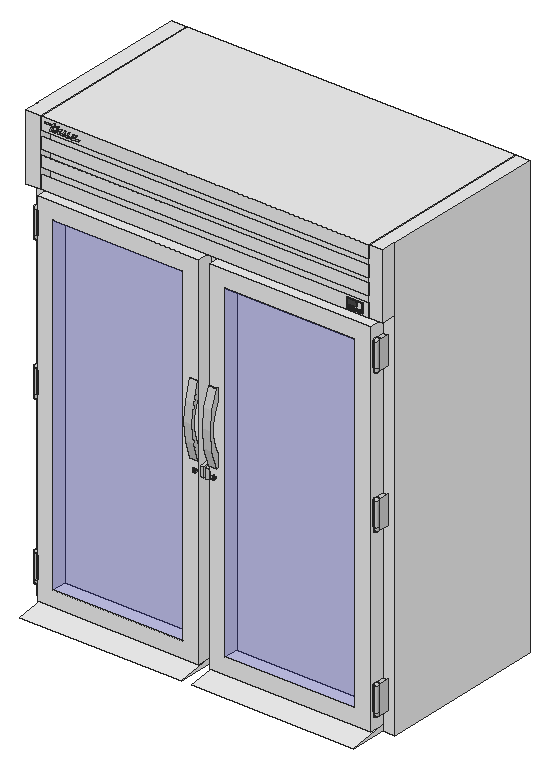
Revit family
Parameters
  Weight in Pounds = 0
  Watts = Volts * FL Amps  # 1357 W
  Volts = 115 V
  URL Cutsheet = "www.truemfg.com"
  URL = "www.truemfg.com"
  Type Mark [instance] = ""
  Type Comments = ""
  Status [instance] = ""
  Specification by User [instance] = ""
  Specification by Manufacturer = ""
  Show Logo [instance] = yes
  Show Clearance [instance] = yes
  Serial Number = ""
  Seismic Rating = ""
  SMACNA No = ""
  Revision Code [instance] = ""
  Phase = 1
  Omniclass Number and Title = ""
  Number of Poles [instance] = 1
  NAFEM Spec ID Number = ""
  Model = "STG2RRI-2G"
  Min Ckt Ampacity = 0 A
  Max Overcurrent Protection = 0 A
  Masterspec = ""
  Manufacturer = "TRUE FOOD SERVICE EQUIPMENT, INC."
  Length = 68"
  Item Number [instance] = ""
  Installed By [instance] = ""
  Identify Quantity as Lot [instance] = yes
  Height = 83 3/4"
  HP = "1/2"
  Furnished By [instance] = ""
  Foodservice Equipment Identifier [instance] = yes
  FL Amps = 11.8 A
  Electrical Remarks [instance] = ""
  Electric Connection Type [instance] = ""
  Elec Conn RI Height [instance] = 0"
  Elec Conn Connection Height [instance] = 0"
  Description = "Roll-in Glass Swing Door Refrigerator"
  Depth = 34 3/4"
  Cycle = 60 Hz
  Conn Plug = "5-15P"
  Conn Conduit = yes
  CSI MasterFormat = ""
  CSI Master Format = ""
  Apparent Power = if(Phase = 3, Volts * FL Amps * 1.73, Volts * FL Amps)  # 1357 VA
Reference planes (in)
  plane 1 "BACK": y = 0
  plane 2: z = 0
  plane 3 "LEFT": x = 0
  plane 4 "RIGHT": x = 68
  plane 5 "FRONT": y = -34.75
  plane 6 "TOP": z = 83.75
  plane 7: x = 2.84375
  plane 8: y = -34.7042
  plane 9: x = 34
  plane 10: z = 69.90625
Forms (in)
  Extrusion 1, solid, material "QF_Finishes_Chrome - Satin"
    sketch origin (0.05, 0, 0) x (1, 0, 0) y (0, 1, 0)
      loop
        line (-0.05, 0) -> (-0.05, -32) -> (2.87859, -32) -> (2.87859, 0) -> (-0.05, 0)
    from 0 to 83.75
  Extrusion 2, solid, material "QF_Finishes_Chrome - Satin"
    sketch origin (50.15, 0, 0) x (1, 0, 0) y (0, 1, 0)
      loop
        line (15.15, 0) -> (15.15, -32) -> (17.85, -32) -> (17.85, 0) -> (15.15, 0)
    from 0 to 83.75
  Extrusion 3, solid, material "QF_Finishes_Chrome - Satin"
    sketch origin (0, 0, 0) x (0, 1, 0) y (0, 0, 1)
      loop
        line (-34.7042, 71.28125) -> (-32, 71.28125) -> (-32, 0) -> (0, 0) -> (0, 83.75) -> (-34.7042, 83.75) -> (-34.7042, 81.40578) -> (-32.5, 79.83852) -> (-32.5, 78.71625) -> (-34.7042, 80.28351) -> (-34.7042, 78.1498) -> (-32.5, 76.58254) -> (-32.5, 75.62178) -> (-34.7042, 77.18904) -> (-34.7042, 75.09284) -> (-32.5, 73.52557) -> (-32.5, 72.25) -> (-34.7042, 73.81726) -> (-34.7042, 71.28125)
    from 2.92859 to 65.3
  Extrusion 4, solid, material "QF_Finishes_Chrome - Satin"
    sketch origin (0, 0, 0) x (1, 0, 0) y (0, 1, 0)
      loop
        line (67.84782, -32) -> (65.3, -32) -> (65.3, -34.75) -> (67.84782, -34.75) -> (67.84782, -32)
    from 71.28125 to 83.75
  Extrusion 5, solid, material "QF_Finishes_Chrome - Satin"
    sketch origin (-50.125, 0, 0.25) x (1, 0, 0) y (0, 1, 0)
      loop
        line (53.05359, -32) -> (50.24109, -32) -> (50.24109, -34.75) -> (53.05359, -34.75) -> (53.05359, -32)
    from 71.03125 to 83.5
  Extrusion 6, solid, material "QF_Finishes_Handrails and Railings", visible <- "Show Logo"
    sketch origin (0.33478, 0.06376, 5.00294) x (1, 0, 0) y (0, 0, 1)
      loop
        line (3.46044, 78.08731) -> (3.35478, 77.86073) -> (4.76027, 77.86073)
        arc (4.76027, 77.86073) -> (4.78879, 77.81028) -> (4.76027, 77.75984) r 0.05887
        line (4.76027, 77.75984) -> (4.39369, 76.97372)
        arc (4.39369, 76.97372) -> (4.39051, 76.90091) -> (4.43975, 76.84717) r 0.09523
        line (4.43975, 76.84717) -> (5.33844, 76.84717)
        arc (5.33844, 76.84717) -> (5.45192, 76.88295) -> (5.52436, 76.97735) r 0.19785
        line (5.52436, 76.97735) -> (5.81285, 77.59601) -> (6.0779, 77.59601)
        arc (6.0779, 77.59601) -> (6.14744, 77.57043) -> (6.13737, 77.49703) r 0.05911
        line (6.13737, 77.49703) -> (5.89598, 76.97937)
        arc (5.89598, 76.97937) -> (5.89974, 76.8934) -> (5.97231, 76.84717) r 0.09318
        line (5.97231, 76.84717) -> (6.76198, 76.84717)
        arc (6.76198, 76.84717) -> (6.82249, 76.86919) -> (6.85468, 76.92495) r 0.09412
        arc (6.85468, 76.92495) -> (6.87746, 76.86995) -> (6.93246, 76.84717) r 0.07778
        line (6.93246, 76.84717) -> (7.43246, 76.84717)
        arc (7.43246, 76.84717) -> (7.49022, 76.86265) -> (7.53251, 76.90493) r 0.11552
        arc (7.53251, 76.90493) -> (7.55275, 76.85606) -> (7.60162, 76.83581) r 0.06912
        line (7.60162, 76.83581) -> (8.31225, 76.83581)
        arc (8.31225, 76.83581) -> (8.37034, 76.85988) -> (8.39441, 76.91797) r 0.08216
        arc (8.39441, 76.91797) -> (8.44767, 76.86472) -> (8.52042, 76.84522) r 0.14551
        line (8.52042, 76.84522) -> (9.85158, 76.84522) -> (9.99946, 77.10134) -> (8.65678, 77.10134)
        arc (8.65678, 77.10134) -> (8.61972, 77.12704) -> (8.61834, 77.17211) r 0.05009
        line (8.61834, 77.17211) -> (8.64157, 77.22192)
        arc (8.64157, 77.22192) -> (8.67723, 77.26864) -> (8.73327, 77.28635) r 0.09747
        line (8.73327, 77.28635) -> (9.16485, 77.28635)
        arc (9.16485, 77.28635) -> (9.258, 77.31131) -> (9.32619, 77.3795) r 0.1863
        line (9.32619, 77.3795) -> (9.45119, 77.59601)
        arc (9.45119, 77.59601) -> (9.45119, 77.71157) -> (9.35111, 77.76934) r 0.11556
        line (9.35111, 77.76934) -> (8.89562, 77.76934)
        arc (8.89562, 77.76934) -> (8.7795, 77.74962) -> (8.69849, 77.66412) r 0.18605
        line (8.69849, 77.66412) -> (8.48204, 77.19993)
        arc (8.48204, 77.19993) -> (8.41815, 77.11667) -> (8.31806, 77.08511) r 0.1745
        line (8.31806, 77.08511) -> (7.84559, 77.08511)
        arc (7.84559, 77.08511) -> (7.78903, 77.14684) -> (7.79268, 77.23048) r 0.10939
        line (7.79268, 77.23048) -> (8.04395, 77.76934) -> (7.88403, 77.76934) -> (7.61781, 77.19844)
        arc (7.61781, 77.19844) -> (7.56609, 77.13103) -> (7.48505, 77.10548) r 0.14128
        line (7.48505, 77.10548) -> (7.15925, 77.10548)
        arc (7.15925, 77.10548) -> (7.10419, 77.17723) -> (7.116, 77.26689) r 0.11816
        line (7.116, 77.26689) -> (7.3503, 77.76934) -> (7.18514, 77.76934) -> (6.91546, 77.191)
        arc (6.91546, 77.191) -> (6.85285, 77.12839) -> (6.76733, 77.10548) r 0.17104
        line (6.76733, 77.10548) -> (6.29555, 77.10548)
        arc (6.29555, 77.10548) -> (6.21082, 77.14499) -> (6.20267, 77.23813) r 0.0935
        line (6.20267, 77.23813) -> (6.35774, 77.57069) -> (6.57695, 77.57069)
        arc (6.57695, 77.57069) -> (6.61395, 77.68217) -> (6.69267, 77.76934) r 0.2857
        line (6.69267, 77.76934) -> (5.83605, 77.76934)
        arc (5.83605, 77.76934) -> (5.74086, 77.74824) -> (5.67498, 77.67635) r 0.16212
        line (5.67498, 77.67635) -> (5.44279, 77.17841)
        arc (5.44279, 77.17841) -> (5.3894, 77.12502) -> (5.31647, 77.10548) r 0.14586
        line (5.31647, 77.10548) -> (4.80506, 77.10548)
        arc (4.80506, 77.10548) -> (4.76514, 77.15942) -> (4.77274, 77.22609) r 0.09155
        line (4.77274, 77.22609) -> (5.11018, 77.86073) -> (5.96155, 77.86073) -> (6.06721, 78.08731) -> (5.21584, 78.08731) -> (5.32149, 78.31388) -> (5.01862, 78.31388) -> (4.91297, 78.08731) -> (3.46044, 78.08731)
      loop
        arc (8.83805, 77.56363) -> (8.80119, 77.55375) -> (8.7742, 77.52676) r 0.07373
        line (8.7742, 77.52676) -> (8.75229, 77.45936)
        arc (8.75229, 77.45936) -> (8.76245, 77.43483) -> (8.78699, 77.42466) r 0.0347
        line (8.78699, 77.42466) -> (9.15948, 77.42466)
        arc (9.15948, 77.42466) -> (9.18632, 77.43061) -> (9.20812, 77.44734) r 0.0635
        line (9.20812, 77.44734) -> (9.22624, 77.53122)
        arc (9.22624, 77.53122) -> (9.22091, 77.55368) -> (9.20009, 77.56363) r 0.02676
        line (9.20009, 77.56363) -> (8.83805, 77.56363)
    from 34.76797 to 34.83173
  Extrusion 7, solid, material "QF_Finishes_White"
    sketch origin (-22.74812, 0.0458, -7.95638) x (1, 0, 0) y (0, 0, 1)
      loop
        line (83.81732, 81.35727) -> (83.81732, 79.60996) -> (86.72357, 79.60996) -> (86.72357, 81.35727) -> (83.81732, 81.35727)
    from 34.75 to 34.76797
  Extrusion 8, solid, material "QF_Finishes_Black"
    sketch origin (-22.74812, 0.0458, -7.95638) x (1, 0, 0) y (0, 0, 1)
      loop
        line (86.78607, 81.41977) -> (83.75482, 81.41977) -> (83.75482, 79.54746) -> (86.78607, 79.54746) -> (86.78607, 81.41977)
      loop
        spline (83.95482, 79.87872) -> (83.96333, 79.86254) -> (83.98831, 79.84747) -> (84.02804, 79.83452) -> (84.07982, 79.82459) -> (84.14011, 79.81835) -> (84.20482, 79.81622) -> (84.26952, 79.81835) -> (84.32982, 79.82459) -> (84.38159, 79.83452) -> (84.42132, 79.84747) -> (84.4463, 79.86254) -> (84.45482, 79.87872)
        spline (84.45482, 79.87872) -> (84.4463, 79.89489) -> (84.42132, 79.90997) -> (84.38159, 79.92291) -> (84.32982, 79.93284) -> (84.26952, 79.93909) -> (84.20482, 79.94122) -> (84.14011, 79.93909) -> (84.07982, 79.93284) -> (84.02804, 79.92291) -> (83.98831, 79.90997) -> (83.96333, 79.89489) -> (83.95482, 79.87872)
      loop
        spline (84.65083, 79.87872) -> (84.65935, 79.86254) -> (84.68432, 79.84747) -> (84.72405, 79.83452) -> (84.77583, 79.82459) -> (84.83612, 79.81835) -> (84.90083, 79.81622) -> (84.96553, 79.81835) -> (85.02583, 79.82459) -> (85.07761, 79.83452) -> (85.11734, 79.84747) -> (85.14231, 79.86254) -> (85.15083, 79.87872)
        spline (85.15083, 79.87872) -> (85.14231, 79.89489) -> (85.11734, 79.90997) -> (85.07761, 79.92291) -> (85.02583, 79.93284) -> (84.96553, 79.93909) -> (84.90083, 79.94122) -> (84.83612, 79.93909) -> (84.77583, 79.93284) -> (84.72405, 79.92291) -> (84.68432, 79.90997) -> (84.65935, 79.89489) -> (84.65083, 79.87872)
      loop
        spline (85.40083, 79.87872) -> (85.40935, 79.86254) -> (85.43432, 79.84747) -> (85.47405, 79.83452) -> (85.52583, 79.82459) -> (85.58612, 79.81835) -> (85.65083, 79.81622) -> (85.71553, 79.81835) -> (85.77583, 79.82459) -> (85.82761, 79.83452) -> (85.86734, 79.84747) -> (85.89231, 79.86254) -> (85.90083, 79.87872)
        spline (85.90083, 79.87872) -> (85.89231, 79.89489) -> (85.86734, 79.90997) -> (85.82761, 79.92291) -> (85.77583, 79.93284) -> (85.71553, 79.93909) -> (85.65083, 79.94122) -> (85.58612, 79.93909) -> (85.52583, 79.93284) -> (85.47405, 79.92291) -> (85.43432, 79.90997) -> (85.40935, 79.89489) -> (85.40083, 79.87872)
      loop
        line (83.95481, 81.21978) -> (83.95481, 80.21978) -> (85.65433, 80.21978) -> (85.65433, 81.21978) -> (83.95481, 81.21978)
      loop
        line (86.72357, 81.35727) -> (83.81732, 81.35727) -> (83.81732, 79.60996) -> (86.72357, 79.60996) -> (86.72357, 81.35727)
      loop
        spline (86.15083, 79.87872) -> (86.15935, 79.86254) -> (86.18432, 79.84747) -> (86.22405, 79.83452) -> (86.27583, 79.82459) -> (86.33612, 79.81835) -> (86.40083, 79.81622) -> (86.46553, 79.81835) -> (86.52583, 79.82459) -> (86.57761, 79.83452) -> (86.61734, 79.84747) -> (86.64231, 79.86254) -> (86.65083, 79.87872)
        spline (86.65083, 79.87872) -> (86.64231, 79.89489) -> (86.61734, 79.90997) -> (86.57761, 79.92291) -> (86.52583, 79.93284) -> (86.46553, 79.93909) -> (86.40083, 79.94122) -> (86.33612, 79.93909) -> (86.27583, 79.93284) -> (86.22405, 79.92291) -> (86.18432, 79.90997) -> (86.15935, 79.89489) -> (86.15083, 79.87872)
    from 34.76797 to 34.80335
  Extrusion 9, solid
    sketch origin (-25.125, 0, 0) x (1, 0, 0) y (0, 0, 1)
      loop
        circle (89.875, 81.625) r 0.25
    from 0 to 0.0625
  Extrusion 10, solid, material "QF_Finishes_Handrails and Railings"
    sketch origin (66.78125, 0, 3.5) x (0, 1, 0) y (0, 0, -1)
      loop
        line (-32, -64.17729) -> (-32, -58.86127) -> (-34.25, -58.86127) -> (-34.25, -59.57348) -> (-33.81497, -59.57348) -> (-33.81497, -63.97276)
        arc (-33.81497, -63.97276) -> (-33.75506, -64.11738) -> (-33.61044, -64.17729) r 0.20453
        line (-33.61044, -64.17729) -> (-32, -64.17729)
    from 0.17506 to 1
  Revolve 11, solid, material "QF_Finishes_Handrails and Railings"
    sketch origin (66.28125, 0, 3.5) x (0, 1, 0) y (0, 0, -1)
      loop
        line (-34.26563, -59.62689) -> (-34.67229, -59.62689) -> (-34.67229, -64.0986)
        arc (-34.67229, -64.0986) -> (-34.53722, -64.35057) -> (-34.26563, -64.43983) r 0.3848
        line (-34.26563, -64.43983) -> (-34.26563, -59.62689)
      loop
        line (-34.26563, -59.57348) -> (-34.26563, -58.67281)
        arc (-34.26563, -58.67281) -> (-34.53264, -58.75883) -> (-34.67229, -59.00212) r 0.38884
        line (-34.67229, -59.00212) -> (-34.67229, -59.57348) -> (-34.26563, -59.57348)
      axis (-34.26563, -58.67281) -> (-34.26563, -64.43983)
    angle from 0 to 360
  Extrusion 12, solid, material "QF_Finishes_Handrails and Railings"
    sketch origin (27.5, -1.07734, 3.5011) x (-1, 0, 0) y (0, 0, -1)
      loop
        line (-38.58509, -64.0986) -> (-38.1875, -64.0986) -> (-38.1875, -59.62579) -> (-38.58509, -59.62579) -> (-38.58509, -64.0986)
    from 32.81497 to 33.59495
  Extrusion 13, solid, material "QF_Finishes_Handrails and Railings"
    sketch origin (66.78125, 0, -24) x (0, 1, 0) y (0, 0, -1)
      loop
        line (-32, -64.55229) -> (-32, -59.23627) -> (-34.25, -59.23627) -> (-34.25, -59.94848) -> (-33.81497, -59.94848) -> (-33.81497, -64.34776)
        arc (-33.81497, -64.34776) -> (-33.75506, -64.49238) -> (-33.61044, -64.55229) r 0.20453
        line (-33.61044, -64.55229) -> (-32, -64.55229)
    from 0.17506 to 1
  Revolve 14, solid, material "QF_Finishes_Handrails and Railings"
    sketch origin (66.28125, 0, -24) x (0, 1, 0) y (0, 0, -1)
      loop
        line (-34.26563, -60.00189) -> (-34.67229, -60.00189) -> (-34.67229, -64.4736)
        arc (-34.67229, -64.4736) -> (-34.53722, -64.72557) -> (-34.26563, -64.81483) r 0.3848
        line (-34.26563, -64.81483) -> (-34.26563, -60.00189)
      loop
        line (-34.26563, -59.94848) -> (-34.26563, -59.04781)
        arc (-34.26563, -59.04781) -> (-34.53264, -59.13383) -> (-34.67229, -59.37712) r 0.38884
        line (-34.67229, -59.37712) -> (-34.67229, -59.94848) -> (-34.26563, -59.94848)
      axis (-34.26563, -59.04781) -> (-34.26563, -64.81483)
    angle from 0 to 360
  Extrusion 15, solid, material "QF_Finishes_Handrails and Railings"
    sketch origin (27.5, -1.07734, -23.9989) x (-1, 0, 0) y (0, 0, -1)
      loop
        line (-38.58509, -64.4736) -> (-38.1875, -64.4736) -> (-38.1875, -60.00079) -> (-38.58509, -60.00079) -> (-38.58509, -64.4736)
    from 32.81497 to 33.59495
  Extrusion 16, solid, material "QF_Finishes_Handrails and Railings"
    sketch origin (66.78125, 0, -55.5) x (0, 1, 0) y (0, 0, -1)
      loop
        line (-32, -64.55229) -> (-32, -59.23627) -> (-34.25, -59.23627) -> (-34.25, -59.94848) -> (-33.81497, -59.94848) -> (-33.81497, -64.34776)
        arc (-33.81497, -64.34776) -> (-33.75506, -64.49238) -> (-33.61044, -64.55229) r 0.20453
        line (-33.61044, -64.55229) -> (-32, -64.55229)
    from 0.17506 to 1
  Revolve 17, solid, material "QF_Finishes_Handrails and Railings"
    sketch origin (66.28125, 0, -55.5) x (0, 1, 0) y (0, 0, -1)
      loop
        line (-34.26563, -60.00189) -> (-34.67229, -60.00189) -> (-34.67229, -64.4736)
        arc (-34.67229, -64.4736) -> (-34.53722, -64.72557) -> (-34.26563, -64.81483) r 0.3848
        line (-34.26563, -64.81483) -> (-34.26563, -60.00189)
      loop
        line (-34.26563, -59.94848) -> (-34.26563, -59.04781)
        arc (-34.26563, -59.04781) -> (-34.53264, -59.13383) -> (-34.67229, -59.37712) r 0.38884
        line (-34.67229, -59.37712) -> (-34.67229, -59.94848) -> (-34.26563, -59.94848)
      axis (-34.26563, -59.04781) -> (-34.26563, -64.81483)
    angle from 0 to 360
  Extrusion 18, solid, material "QF_Finishes_Handrails and Railings"
    sketch origin (27.5, -1.07734, -55.4989) x (-1, 0, 0) y (0, 0, -1)
      loop
        line (-38.58509, -64.4736) -> (-38.1875, -64.4736) -> (-38.1875, -60.00079) -> (-38.58509, -60.00079) -> (-38.58509, -64.4736)
    from 32.81497 to 33.59495
  Extrusion 19, solid, material "QF_Finishes_Chrome - Satin"
    sketch origin (65.6875, -1, 8.03125) x (0, 0, 1) y (0, -1, 0)
      loop
        line (-8.03125, 37.875) -> (-8.03125, 31) -> (-7.03125, 31) -> (-8.03125, 37.875)
    from 0 to -30.6875
  Extrusion 20, solid, material "QF_Finishes_Handrails and Railings"
    sketch origin (1.21875, 0, 3.5) x (0, 1, 0) y (0, 0, 1)
      loop
        line (-32, 64.17729) -> (-33.61044, 64.17729)
        arc (-33.61044, 64.17729) -> (-33.75506, 64.11738) -> (-33.81497, 63.97276) r 0.20453
        line (-33.81497, 63.97276) -> (-33.81497, 59.57348) -> (-34.25, 59.57348) -> (-34.25, 58.86127) -> (-32, 58.86127) -> (-32, 64.17729)
    from 0.17506 to 1
  Revolve 21, solid, material "QF_Finishes_Handrails and Railings"
    sketch origin (1.71875, 0, 3.5) x (0, 1, 0) y (0, 0, 1)
      loop
        line (-34.26563, 59.62689) -> (-34.26563, 64.43983)
        arc (-34.26563, 64.43983) -> (-34.53722, 64.35057) -> (-34.67229, 64.0986) r 0.3848
        line (-34.67229, 64.0986) -> (-34.67229, 59.62689) -> (-34.26563, 59.62689)
      loop
        line (-34.26563, 59.57348) -> (-34.67229, 59.57348) -> (-34.67229, 59.00212)
        arc (-34.67229, 59.00212) -> (-34.53264, 58.75883) -> (-34.26563, 58.67281) r 0.38884
        line (-34.26563, 58.67281) -> (-34.26563, 59.57348)
      axis (-34.26563, 58.67281) -> (-34.26563, 64.43983)
    angle from 0 to 360
  Extrusion 22, solid, material "QF_Finishes_Handrails and Railings"
    sketch origin (40.5, -1.07734, 3.5011) x (1, 0, 0) y (0, 0, 1)
      loop
        line (-38.58509, 64.0986) -> (-38.58509, 59.62579) -> (-38.1875, 59.62579) -> (-38.1875, 64.0986) -> (-38.58509, 64.0986)
    from 32.81497 to 33.59495
  Extrusion 23, solid, material "QF_Finishes_Handrails and Railings"
    sketch origin (1.21875, 0, -24) x (0, 1, 0) y (0, 0, 1)
      loop
        line (-32, 64.55229) -> (-33.61044, 64.55229)
        arc (-33.61044, 64.55229) -> (-33.75506, 64.49238) -> (-33.81497, 64.34776) r 0.20453
        line (-33.81497, 64.34776) -> (-33.81497, 59.94848) -> (-34.25, 59.94848) -> (-34.25, 59.23627) -> (-32, 59.23627) -> (-32, 64.55229)
    from 0.17506 to 1
  Revolve 24, solid, material "QF_Finishes_Handrails and Railings"
    sketch origin (1.71875, 0, -24) x (0, 1, 0) y (0, 0, 1)
      loop
        line (-34.26563, 60.00189) -> (-34.26563, 64.81483)
        arc (-34.26563, 64.81483) -> (-34.53722, 64.72557) -> (-34.67229, 64.4736) r 0.3848
        line (-34.67229, 64.4736) -> (-34.67229, 60.00189) -> (-34.26563, 60.00189)
      loop
        line (-34.26563, 59.94848) -> (-34.67229, 59.94848) -> (-34.67229, 59.37712)
        arc (-34.67229, 59.37712) -> (-34.53264, 59.13383) -> (-34.26563, 59.04781) r 0.38884
        line (-34.26563, 59.04781) -> (-34.26563, 59.94848)
      axis (-34.26563, 59.04781) -> (-34.26563, 64.81483)
    angle from 0 to 360
  Extrusion 25, solid, material "QF_Finishes_Handrails and Railings"
    sketch origin (40.5, -1.07734, -23.9989) x (1, 0, 0) y (0, 0, 1)
      loop
        line (-38.58509, 64.4736) -> (-38.58509, 60.00079) -> (-38.1875, 60.00079) -> (-38.1875, 64.4736) -> (-38.58509, 64.4736)
    from 32.81497 to 33.59495
  Extrusion 26, solid, material "QF_Finishes_Handrails and Railings"
    sketch origin (1.21875, 0, -55.5) x (0, 1, 0) y (0, 0, 1)
      loop
        line (-32, 64.55229) -> (-33.61044, 64.55229)
        arc (-33.61044, 64.55229) -> (-33.75506, 64.49238) -> (-33.81497, 64.34776) r 0.20453
        line (-33.81497, 64.34776) -> (-33.81497, 59.94848) -> (-34.25, 59.94848) -> (-34.25, 59.23627) -> (-32, 59.23627) -> (-32, 64.55229)
    from 0.17506 to 1
  Revolve 27, solid, material "QF_Finishes_Handrails and Railings"
    sketch origin (1.71875, 0, -55.5) x (0, 1, 0) y (0, 0, 1)
      loop
        line (-34.26563, 60.00189) -> (-34.26563, 64.81483)
        arc (-34.26563, 64.81483) -> (-34.53722, 64.72557) -> (-34.67229, 64.4736) r 0.3848
        line (-34.67229, 64.4736) -> (-34.67229, 60.00189) -> (-34.26563, 60.00189)
      loop
        line (-34.26563, 59.94848) -> (-34.67229, 59.94848) -> (-34.67229, 59.37712)
        arc (-34.67229, 59.37712) -> (-34.53264, 59.13383) -> (-34.26563, 59.04781) r 0.38884
        line (-34.26563, 59.04781) -> (-34.26563, 59.94848)
      axis (-34.26563, 59.04781) -> (-34.26563, 64.81483)
    angle from 0 to 360
  Extrusion 28, solid, material "QF_Finishes_Handrails and Railings"
    sketch origin (40.5, -1.07734, -55.4989) x (1, 0, 0) y (0, 0, 1)
      loop
        line (-38.58509, 64.4736) -> (-38.58509, 60.00079) -> (-38.1875, 60.00079) -> (-38.1875, 64.4736) -> (-38.58509, 64.4736)
    from 32.81497 to 33.59495
  Extrusion 29, solid, material "QF_Finishes_Chrome - Satin"
    sketch origin (2.3125, -1, 8.03125) x (0, 0, 1) y (0, 1, 0)
      loop
        line (-8.03125, -37.875) -> (-7.03125, -31) -> (-8.03125, -31) -> (-8.03125, -37.875)
    from 0 to -30.6875
  Extrusion 30, solid, material "QF_Finishes_Door Clearance", visible <- "Show Clearance", detail levels coarse
    sketch origin (32.71875, -1, 1) x (0, 1, 0) y (1, 0, 0)
      loop
        line (-33.75, -30.40625) -> (-33.75, 0.28125)
        arc (-33.75, 0.28125) -> (-55.44934, -8.70691) -> (-64.4375, -30.40625) r 30.6875
        line (-64.4375, -30.40625) -> (-33.75, -30.40625)
      loop
        line (-33.75, 32.96875) -> (-64.4375, 32.96875)
        arc (-64.4375, 32.96875) -> (-55.44934, 11.26941) -> (-33.75, 2.28125) r 30.6875
        line (-33.75, 2.28125) -> (-33.75, 32.96875)
    from 0 to -68.90625
  Extrusion 31, solid, material "QF_Finishes_Chrome - Satin"
    sketch origin (59.96875, -1, -0.71875) x (-1, 0, 0) y (0, 0, -1)
      loop
        line (26.96875, -1.71875) -> (26.96875, -70.625) -> (57.65625, -70.625) -> (57.65625, -1.71875) -> (26.96875, -1.71875)
      loop
        line (29.96875, -67.625) -> (54.65625, -67.625) -> (54.65625, -4.71875) -> (29.96875, -4.71875) -> (29.96875, -67.625)
      loop
        line (24.96875, -1.71875) -> (-5.71875, -1.71875) -> (-5.71875, -70.625) -> (24.96875, -70.625) -> (24.96875, -1.71875)
      loop
        line (21.96875, -67.625) -> (21.96875, -4.71875) -> (-2.71875, -4.71875) -> (-2.71875, -67.625) -> (21.96875, -67.625)
    from 31 to 33.75
  Extrusion 32, solid, material "Glass"
    sketch origin (59.96875, -1, -0.71875) x (-1, 0, 0) y (0, 0, -1)
      loop
        line (29.96875, -67.625) -> (54.65625, -67.625) -> (54.65625, -4.71875) -> (29.96875, -4.71875) -> (29.96875, -67.625)
      loop
        line (21.96875, -67.625) -> (21.96875, -4.71875) -> (-2.71875, -4.71875) -> (-2.71875, -67.625) -> (21.96875, -67.625)
    from 31 to 33.75
  Extrusion 33, solid, material "QF_Finishes_Handrails and Railings"
    sketch origin (9.34375, -1.08467, -6.25) x (1, 0, 0) y (0, 0, 1)
      loop
        circle (26.4375, 40.0625) r 0.35
      loop
        line (26.47265, 40.33635) -> (26.41715, 40.33635) -> (26.41715, 39.76895) -> (26.47265, 39.76895) -> (26.47265, 40.33635)
    from 33.5 to 33.83066
  Blend 34, solid, material "QF_Finishes_Handrails and Railings"
    base sketch origin (60.25, -1, -4.25) x (-1, 0, 0) y (0, 0, -1)
      loop
        line (25.25, -38.99169) -> (26, -38.99169) -> (26, -37.24169) -> (25.25, -37.24169) -> (25.25, -38.99169)
    top sketch origin (60.25, 0, -4.25) x (-1, 0, 0) y (0, 0, -1)
      loop
        line (26.18223, -36.6441) -> (25.25, -36.6441) -> (25.25, -39.42643) -> (26.18223, -39.42643) -> (26.18223, -36.6441)
    from 33.57883 to 32
  Extrusion 35, solid, material "QF_Finishes_Handrails and Railings"
    sketch origin (43.84606, -0.25, 89.5375) x (0, 1, 0) y (0, 0, -1)
      loop
        line (-34.5, 53.875) -> (-34.7, 53.875)
        arc (-34.7, 53.875) -> (-36.14405, 47.075) -> (-34.7, 40.275) r 16.7325
        line (-34.7, 40.275) -> (-34.5, 40.275) -> (-34.5, 42.675)
        arc (-34.5, 42.675) -> (-35.65816, 47.075) -> (-34.5, 51.475) r 8.93715
        line (-34.5, 51.475) -> (-34.5, 53.875)
    from 10.87731 to 12.37731
  Extrusion 36, solid, material "QF_Finishes_Handrails and Railings"
    sketch origin (58.65625, -1.08467, -6.25) x (-1, 0, 0) y (0, 0, -1)
      loop
        circle (26.4375, -40.0625) r 0.35
      loop
        line (26.47265, -40.33635) -> (26.47265, -39.76895) -> (26.41715, -39.76895) -> (26.41715, -40.33635) -> (26.47265, -40.33635)
    from 33.5 to 33.83066
  Blend 37, solid, material "QF_Finishes_Handrails and Railings"
    base sketch origin (7.75, -1, -4.25) x (1, 0, 0) y (0, 0, 1)
      loop
        line (25.25, 38.99169) -> (25.25, 37.24169) -> (26, 37.24169) -> (26, 38.99169) -> (25.25, 38.99169)
    top sketch origin (7.75, 0, -4.25) x (1, 0, 0) y (0, 0, 1)
      loop
        line (26.18223, 36.6441) -> (26.18223, 39.42643) -> (25.25, 39.42643) -> (25.25, 36.6441) -> (26.18223, 36.6441)
    from 33.57883 to 32
  Extrusion 38, solid, material "QF_Finishes_Handrails and Railings"
    sketch origin (24.15394, -0.25, 89.5375) x (0, 1, 0) y (0, 0, 1)
      loop
        line (-34.5, -53.875) -> (-34.5, -51.475)
        arc (-34.5, -51.475) -> (-35.65816, -47.075) -> (-34.5, -42.675) r 8.93715
        line (-34.5, -42.675) -> (-34.5, -40.275) -> (-34.7, -40.275)
        arc (-34.7, -40.275) -> (-36.14405, -47.075) -> (-34.7, -53.875) r 16.7325
        line (-34.7, -53.875) -> (-34.5, -53.875)
    from 10.87731 to 12.37731
Cuts and joins
  joined: Extrusion 1, Extrusion 2, Extrusion 4, Extrusion 5
Lines and regions (in)
  symbolic lines
    curve 1: line (0, 0, 0) -> (68, 0, 0)
    curve 2: line (0, -34.75, 0) -> (0, 0, 0)
    curve 3: line (68, -34.75, 0) -> (0, -34.75, 0)
    curve 4: line (68, 0, 0) -> (68, -34.75, 0)
    curve 5: line (68, -32.5, 0) -> (0, -32.5, 0)
    curve 12: line (32.96875, -34.75, 0) -> (32.96875, -36.39405, 0)
    curve 13: line (36.53125, -34.75, 0) -> (36.53125, -36.39405, 0)
    curve 14: line (36.53125, -36.39405, 0) -> (35.03125, -36.39405, 0)
    curve 15: line (35.03125, -34.75, 0) -> (35.03125, -36.39405, 0)
  symbolic lines, style "QF_Door Swings", visible <- "Show Clearance", detail levels coarse
    curve 6: line (2.3125, -34.75, 0) -> (2.3125, -65.4375, 0)
    curve 7: arc (33, -34.75, 0) -> (24.01184, -56.44934, 0) -> (2.3125, -65.4375, 0) r 30.6875
    curve 8: arc (65.6875, -65.4375, 0) -> (43.98816, -56.44934, 0) -> (35, -34.75, 0) r 30.6875
    curve 9: line (65.6875, -65.4375, 0) -> (65.6875, -34.75, 0)
  symbolic lines, style "SpecialityEquipment"
    curve 10: line (31.46875, -36.39405, 0) -> (31.46875, -34.75, 0)
    curve 11: line (31.46875, -36.39405, 0) -> (32.96875, -36.39405, 0)
Dimensions and locks (in)
  "Depth": plane 5 "FRONT" to plane 1 "BACK"
  plane 6 "TOP" to level = 83 3/4"  (x2)
  "Length": plane 3 "LEFT" to plane 4 "RIGHT"
  plane 4 "RIGHT" to plane 3 "LEFT" = 68"
  equal spacing: plane 3 "LEFT", plane 9, plane 4 "RIGHT"
  plane 10 to level = 69 29/32"
  aligned and locked: level to plane 2
Automatic sketch dimensions
  plane 1 "BACK" to curve 1 = 0"
  curve 1 to plane 3 "LEFT" = 0"
  curve 4 to plane 4 "RIGHT" = 0"
  curve 5 to plane 5 "FRONT" = 2 1/4"
  Extrusion 1 sketch curve to plane 3 "LEFT" = 0"
  plane 1 "BACK" to Extrusion 1 sketch curve = 0"
  plane 7 to Extrusion 1 sketch curve = 0.08484"
  Extrusion 1 sketch curve to plane 5 "FRONT" = 2 3/4"
  plane 1 "BACK" to Extrusion 2 sketch curve = 0"
  Extrusion 2 sketch curve to plane 4 "RIGHT" = 0"
  Extrusion 2 sketch curve to plane 4 "RIGHT" = 2.7"
  Extrusion 2 sketch curve to plane 5 "FRONT" = 2 3/4"
  Extrusion 3 sketch curve to plane 8 = 0"  (x4)
  Extrusion 3 sketch curve to level = 0"
  Extrusion 3 sketch curve to plane 6 "TOP" = 0"
  plane 8 to Extrusion 3 sketch curve = 2.2042"  (x2)
  Extrusion 3 sketch curve to Extrusion 3 sketch curve = 0"
  Extrusion 3 sketch curve to Extrusion 3 sketch curve = 1/2"
  plane 1 "BACK" to Extrusion 3 sketch curve = 0"
  Extrusion 3 sketch curve to plane 6 "TOP" = 12 15/32"
  Extrusion 3 sketch curve to Extrusion 3 sketch curve = 31/32"
  Extrusion 3 sketch curve to Extrusion 3 sketch curve = 1.27557"  (x2)
  Extrusion 3 sketch curve to Extrusion 3 sketch curve = 0.29169"
  Extrusion 3 sketch curve to Extrusion 3 sketch curve = 2.0962"  (x2)
  Extrusion 3 sketch curve to Extrusion 3 sketch curve = 0.96076"  (x2)
  Extrusion 3 sketch curve to Extrusion 3 sketch curve = 2.13371"  (x2)
  Extrusion 3 sketch curve to Extrusion 3 sketch curve = 1.12227"  (x2)
  plane 5 "FRONT" to Extrusion 4 sketch curve = 0"
  Extrusion 4 sketch curve to plane 4 "RIGHT" = 2.7"
  Extrusion 4 sketch curve to plane 4 "RIGHT" = 0.15218"
  Extrusion 4 sketch curve to plane 5 "FRONT" = 2 3/4"
  plane 5 "FRONT" to Extrusion 5 sketch curve = 0"
  plane 3 "LEFT" to Extrusion 5 sketch curve = 0.11609"
  plane 7 to Extrusion 5 sketch curve = 0.08484"
  Extrusion 5 sketch curve to plane 5 "FRONT" = 2 3/4"
  plane 7 to Extrusion 6 sketch curve = 0.84582"
  Extrusion 6 sketch curve to Extrusion 6 sketch curve = 0.10565"  (x5)
  Extrusion 6 sketch curve to Extrusion 6 sketch curve = 1.03891"
  Extrusion 6 sketch curve to Extrusion 6 sketch curve = 0.04606"
  Extrusion 6 sketch curve to Extrusion 6 sketch curve = 0.08631"
  Extrusion 6 sketch curve to Extrusion 6 sketch curve = 0.33624"
  Extrusion 6 sketch curve to Extrusion 6 sketch curve = 0.03034"  (x2)
  Extrusion 6 sketch curve to Extrusion 6 sketch curve = 0.29274"
  Extrusion 6 sketch curve to Extrusion 6 sketch curve = 0.03232"
  Extrusion 6 sketch curve to Extrusion 6 sketch curve = 0.04851"
  Extrusion 6 sketch curve to plane 6 "TOP" = 0.65975"
  Extrusion 6 sketch curve to Extrusion 6 sketch curve = 0.1527"
  Extrusion 6 sketch curve to plane 6 "TOP" = 0.43317"
  Extrusion 6 sketch curve to Extrusion 6 sketch curve = 0.19721"
  Extrusion 6 sketch curve to Extrusion 6 sketch curve = 0.4629"
  Extrusion 6 sketch curve to Extrusion 6 sketch curve = 0.02197"
  Extrusion 6 sketch curve to Extrusion 6 sketch curve = 0.12632"
  Extrusion 6 sketch curve to Extrusion 6 sketch curve = 0.18591"
  Extrusion 6 sketch curve to plane 6 "TOP" = 1.0707"
  Extrusion 6 sketch curve to Extrusion 6 sketch curve = 0.2322"
  Extrusion 6 sketch curve to Extrusion 6 sketch curve = 0.13786"
  Extrusion 6 sketch curve to Extrusion 6 sketch curve = 0.00907"
  Extrusion 6 sketch curve to Extrusion 6 sketch curve = 0.01413"
  Extrusion 6 sketch curve to Extrusion 6 sketch curve = 0.37162"
  Extrusion 6 sketch curve to plane 6 "TOP" = 0.88633"
  Extrusion 6 sketch curve to Extrusion 6 sketch curve = 0.12551"
  Extrusion 6 sketch curve to Extrusion 6 sketch curve = 0.07633"
  Extrusion 6 sketch curve to Extrusion 6 sketch curve = 0.08445"
  Extrusion 6 sketch curve to Extrusion 6 sketch curve = 0.25598"
  Extrusion 6 sketch curve to Extrusion 6 sketch curve = 0.01887"
  Extrusion 6 sketch curve to Extrusion 6 sketch curve = 0.04061"
  Extrusion 6 sketch curve to plane 6 "TOP" = 1.50892"
  Extrusion 6 sketch curve to Extrusion 6 sketch curve = 0.0653"
  Extrusion 6 sketch curve to Extrusion 6 sketch curve = 0.08474"
  Extrusion 6 sketch curve to Extrusion 6 sketch curve = 0.00815"
  Extrusion 6 sketch curve to Extrusion 6 sketch curve = 0.22037"
  Extrusion 6 sketch curve to Extrusion 6 sketch curve = 0.21921"
  Extrusion 6 sketch curve to Extrusion 6 sketch curve = 0.11572"
  Extrusion 6 sketch curve to Extrusion 6 sketch curve = 0.46643"
  Extrusion 6 sketch curve to Extrusion 6 sketch curve = 0.00535"
  Extrusion 6 sketch curve to Extrusion 6 sketch curve = 0.09269"
  Extrusion 6 sketch curve to Extrusion 6 sketch curve = 0.09348"
  Extrusion 6 sketch curve to Extrusion 6 sketch curve = 0.14812"
  Extrusion 6 sketch curve to Extrusion 6 sketch curve = 0.07778"
  Extrusion 6 sketch curve to Extrusion 6 sketch curve = 0.20054"
  Extrusion 6 sketch curve to Extrusion 6 sketch curve = 0.04325"
  Extrusion 6 sketch curve to plane 6 "TOP" = 0.97771"  (x2)
  Extrusion 6 sketch curve to Extrusion 6 sketch curve = 0.32433"
  Extrusion 6 sketch curve to Extrusion 6 sketch curve = 0.10233"  (x2)
  Extrusion 6 sketch curve to Extrusion 6 sketch curve = 0.16515"
  Extrusion 6 sketch curve to Extrusion 6 sketch curve = 0.27321"
  Extrusion 6 sketch curve to Extrusion 6 sketch curve = 0.0526"
  Extrusion 6 sketch curve to Extrusion 6 sketch curve = 0.10005"
  Extrusion 6 sketch curve to Extrusion 6 sketch curve = 0.06912"
  Extrusion 6 sketch curve to Extrusion 6 sketch curve = 0.13276"
  Extrusion 6 sketch curve to plane 6 "TOP" = 1.51658"
  Extrusion 6 sketch curve to Extrusion 6 sketch curve = 0.17486"
  Extrusion 6 sketch curve to Extrusion 6 sketch curve = 0.05291"
  Extrusion 6 sketch curve to Extrusion 6 sketch curve = 0.53374"
  Extrusion 6 sketch curve to Extrusion 6 sketch curve = 0.09914"
  Extrusion 6 sketch curve to Extrusion 6 sketch curve = 0.15992"
  Extrusion 6 sketch curve to Extrusion 6 sketch curve = 0.46666"
  Extrusion 6 sketch curve to Extrusion 6 sketch curve = 0.00582"
  Extrusion 6 sketch curve to Extrusion 6 sketch curve = 0.08216"
  Extrusion 6 sketch curve to Extrusion 6 sketch curve = 0.16397"
  Extrusion 6 sketch curve to Extrusion 6 sketch curve = 0.12601"
  Extrusion 6 sketch curve to plane 6 "TOP" = 1.57494"
  Extrusion 6 sketch curve to Extrusion 6 sketch curve = 0.1363"
  Extrusion 6 sketch curve to plane 6 "TOP" = 1.52514"
  Extrusion 6 sketch curve to Extrusion 6 sketch curve = 0.02323"
  Extrusion 6 sketch curve to Extrusion 6 sketch curve = 0.03844"
  Extrusion 6 sketch curve to Extrusion 6 sketch curve = 0.0454"
  Extrusion 6 sketch curve to Extrusion 6 sketch curve = 0.05693"
  Extrusion 6 sketch curve to Extrusion 6 sketch curve = 0.0917"
  Extrusion 6 sketch curve to Extrusion 6 sketch curve = 0.01902"
  Extrusion 6 sketch curve to Extrusion 6 sketch curve = 0.02191"
  Extrusion 6 sketch curve to Extrusion 6 sketch curve = 0.0347"
  Extrusion 6 sketch curve to Extrusion 6 sketch curve = 0.06385"
  Extrusion 6 sketch curve to Extrusion 6 sketch curve = 0.02906"
  Extrusion 6 sketch curve to Extrusion 6 sketch curve = 0.02851"
  Extrusion 6 sketch curve to Extrusion 6 sketch curve = 0.29237"
  Extrusion 6 sketch curve to Extrusion 6 sketch curve = 0.00537"
  Extrusion 6 sketch curve to Extrusion 6 sketch curve = 0.0406"
  Extrusion 6 sketch curve to plane 6 "TOP" = 1.29971"
  Extrusion 6 sketch curve to Extrusion 6 sketch curve = 0.04327"
  Extrusion 6 sketch curve to Extrusion 6 sketch curve = 0.02615"
  Extrusion 6 sketch curve to plane 6 "TOP" = 1.36755"
  Extrusion 6 sketch curve to Extrusion 6 sketch curve = 0.11806"
  Extrusion 6 sketch curve to Extrusion 6 sketch curve = 0.15103"
  Extrusion 6 sketch curve to Extrusion 6 sketch curve = 0.10007"
  Extrusion 6 sketch curve to Extrusion 6 sketch curve = 0.5254"
  Extrusion 6 sketch curve to plane 6 "TOP" = 1.64572"
  Extrusion 6 sketch curve to Extrusion 6 sketch curve = 0.14787"
  Extrusion 6 sketch curve to Extrusion 6 sketch curve = 0.14537"
  Extrusion 6 sketch curve to Extrusion 6 sketch curve = 0.63134"
  Extrusion 6 sketch curve to Extrusion 6 sketch curve = 0.11061"
  Extrusion 6 sketch curve to Extrusion 6 sketch curve = 0.25876"
  Extrusion 6 sketch curve to Extrusion 6 sketch curve = 0.06767"
  Extrusion 6 sketch curve to Extrusion 6 sketch curve = 0.12655"
  Extrusion 6 sketch curve to Extrusion 6 sketch curve = 0.12242"
  Extrusion 6 sketch curve to Extrusion 6 sketch curve = 0.29684"
  Extrusion 6 sketch curve to Extrusion 6 sketch curve = 0.03938"
  Extrusion 6 sketch curve to Extrusion 6 sketch curve = 0.06046"
  Extrusion 6 sketch curve to Extrusion 6 sketch curve = 0.13266"
  Extrusion 6 sketch curve to Extrusion 6 sketch curve = 0.14279"
  Extrusion 6 sketch curve to Extrusion 6 sketch curve = 0.07293"
  Extrusion 6 sketch curve to Extrusion 6 sketch curve = 0.07764"
  Extrusion 6 sketch curve to Extrusion 6 sketch curve = 0.03794"
  Extrusion 6 sketch curve to Extrusion 6 sketch curve = 0.08552"
  Extrusion 6 sketch curve to Extrusion 6 sketch curve = 0.09296"
  Extrusion 6 sketch curve to Extrusion 6 sketch curve = 0.02781"
  Extrusion 6 sketch curve to Extrusion 6 sketch curve = 0.04799"
  Extrusion 6 sketch curve to Extrusion 6 sketch curve = 0.03054"
  Extrusion 6 sketch curve to Extrusion 6 sketch curve = 0.2589"
  Extrusion 6 sketch curve to Extrusion 6 sketch curve = 0.0674"
  Extrusion 6 sketch curve to Extrusion 6 sketch curve = 0.0324"
  Extrusion 6 sketch curve to Extrusion 6 sketch curve = 0.26185"
  Extrusion 6 sketch curve to Extrusion 6 sketch curve = 11/256"
  Extrusion 6 sketch curve to Extrusion 6 sketch curve = 0.07366"
  Extrusion 6 sketch curve to Extrusion 6 sketch curve = 0.02187"
  Extrusion 6 sketch curve to Extrusion 6 sketch curve = 0.06479"
  Extrusion 6 sketch curve to Extrusion 6 sketch curve = 0.05778"
  Extrusion 6 sketch curve to Extrusion 6 sketch curve = 0.32747"
  Extrusion 6 sketch curve to Extrusion 6 sketch curve = 0.05045"
  Extrusion 6 sketch curve to Extrusion 6 sketch curve = 29/128"
  Extrusion 7 sketch curve to plane 4 "RIGHT" = 6.9308"
  Extrusion 7 sketch curve to Extrusion 7 sketch curve = 2 29/32"
  Extrusion 7 sketch curve to plane 6 "TOP" = 12.09642"
  Extrusion 7 sketch curve to Extrusion 7 sketch curve = 1.74732"
  Extrusion 8 sketch curve to plane 4 "RIGHT" = 6.9933"
  Extrusion 8 sketch curve to Extrusion 8 sketch curve = 1/16"  (x4)
  Extrusion 8 sketch curve to Extrusion 8 sketch curve = 0.1375"  (x3)
  Extrusion 8 sketch curve to Extrusion 8 sketch curve = 1/4"  (x4)
  Extrusion 8 sketch curve to Extrusion 8 sketch curve = 0.44601"
  Extrusion 8 sketch curve to Extrusion 8 sketch curve = 1/2"  (x2)
  Extrusion 8 sketch curve to Extrusion 8 sketch curve = 0.0035"
  Extrusion 8 sketch curve to Extrusion 8 sketch curve = 1.06923"
  Extrusion 8 sketch curve to plane 6 "TOP" = 12.15892"
  Extrusion 8 sketch curve to Extrusion 8 sketch curve = 0.26876"  (x2)
  Extrusion 8 sketch curve to Extrusion 8 sketch curve = 0"  (x2)
  Extrusion 8 sketch curve to Extrusion 8 sketch curve = 0.34106"
  Extrusion 8 sketch curve to Extrusion 8 sketch curve = 1"
  Extrusion 9 sketch curve to plane 4 "RIGHT" = 3 1/4"
  Extrusion 9 sketch curve to plane 6 "TOP" = 2 1/8"
  Extrusion 10 sketch curve to plane 5 "FRONT" = 1/2"
  Extrusion 10 sketch curve to Extrusion 10 sketch curve = 0.43503"
  Extrusion 10 sketch curve to Extrusion 10 sketch curve = 0.20453"
  Extrusion 10 sketch curve to Extrusion 10 sketch curve = 1.61044"
  Extrusion 10 sketch curve to plane 6 "TOP" = 16.07271"
  Extrusion 10 sketch curve to Extrusion 10 sketch curve = 4.39928"
  Extrusion 10 sketch curve to Extrusion 10 sketch curve = 0.71221"
  Revolve 11 sketch curve to plane 5 "FRONT" = 0.07771"  (x2)
  Revolve 11 sketch curve to Revolve 11 sketch curve = 0.38242"
  Revolve 11 sketch curve to Revolve 11 sketch curve = 0.38436"
  Revolve 11 sketch curve to plane 5 "FRONT" = 31/64"
  Revolve 11 sketch curve to Revolve 11 sketch curve = 0.40666"
  Revolve 11 sketch curve to Revolve 11 sketch curve = 0"
  Revolve 11 sketch curve to plane 6 "TOP" = 15.25492"
  Revolve 11 sketch curve to Revolve 11 sketch curve = 0.55526"
  Revolve 11 sketch curve to Revolve 11 sketch curve = 0.19474"
  Revolve 11 sketch curve to Revolve 11 sketch curve = 0.14649"
  Revolve 11 sketch curve to Revolve 11 sketch curve = 4.42889"
  Revolve 11 sketch curve to Revolve 11 sketch curve = 0.05342"
  Revolve 11 sketch curve to Revolve 11 sketch curve = 0.51246"
  Revolve 11 sketch curve to Revolve 11 sketch curve = 0.05889"
  Extrusion 12 sketch curve to plane 4 "RIGHT" = 1.91491"
  Extrusion 12 sketch curve to Extrusion 12 sketch curve = 0.39759"
  Extrusion 12 sketch curve to plane 6 "TOP" = 16.1503"
  Extrusion 12 sketch curve to Extrusion 12 sketch curve = 4.47281"
  Extrusion 13 sketch curve to plane 5 "FRONT" = 1/2"
  Extrusion 13 sketch curve to Extrusion 13 sketch curve = 0.43503"
  Extrusion 13 sketch curve to Extrusion 13 sketch curve = 0.20453"
  Extrusion 13 sketch curve to Extrusion 13 sketch curve = 1.61044"
  level to Extrusion 13 sketch curve = 40.55229"
  Extrusion 13 sketch curve to Extrusion 13 sketch curve = 4.39928"
  Extrusion 13 sketch curve to Extrusion 13 sketch curve = 0.71221"
  Revolve 14 sketch curve to plane 5 "FRONT" = 0.07771"  (x2)
  Revolve 14 sketch curve to Revolve 14 sketch curve = 0.38242"
  Revolve 14 sketch curve to Revolve 14 sketch curve = 0.38436"
  Revolve 14 sketch curve to plane 5 "FRONT" = 31/64"
  Revolve 14 sketch curve to Revolve 14 sketch curve = 0.40666"
  Revolve 14 sketch curve to Revolve 14 sketch curve = 0"
  level to Revolve 14 sketch curve = 41.37008"
  Revolve 14 sketch curve to Revolve 14 sketch curve = 0.55526"
  Revolve 14 sketch curve to Revolve 14 sketch curve = 0.19474"
  Revolve 14 sketch curve to Revolve 14 sketch curve = 0.14649"
  Revolve 14 sketch curve to Revolve 14 sketch curve = 4.42889"
  Revolve 14 sketch curve to Revolve 14 sketch curve = 0.05342"
  Revolve 14 sketch curve to Revolve 14 sketch curve = 0.51246"
  Revolve 14 sketch curve to Revolve 14 sketch curve = 0.05889"
  Extrusion 15 sketch curve to plane 4 "RIGHT" = 1.91491"
  Extrusion 15 sketch curve to Extrusion 15 sketch curve = 0.39759"
  level to Extrusion 15 sketch curve = 40.4747"
  Extrusion 15 sketch curve to Extrusion 15 sketch curve = 4.47281"
  Extrusion 16 sketch curve to plane 5 "FRONT" = 1/2"
  Extrusion 16 sketch curve to Extrusion 16 sketch curve = 0.43503"
  Extrusion 16 sketch curve to Extrusion 16 sketch curve = 0.20453"
  Extrusion 16 sketch curve to Extrusion 16 sketch curve = 1.61044"
  level to Extrusion 16 sketch curve = 9.05229"
  Extrusion 16 sketch curve to Extrusion 16 sketch curve = 4.39928"
  Extrusion 16 sketch curve to Extrusion 16 sketch curve = 0.71221"
  Revolve 17 sketch curve to plane 5 "FRONT" = 0.07771"  (x2)
  Revolve 17 sketch curve to Revolve 17 sketch curve = 0.38242"
  Revolve 17 sketch curve to Revolve 17 sketch curve = 0.38436"
  Revolve 17 sketch curve to plane 5 "FRONT" = 31/64"
  Revolve 17 sketch curve to Revolve 17 sketch curve = 0.40666"
  Revolve 17 sketch curve to Revolve 17 sketch curve = 0"
  level to Revolve 17 sketch curve = 9.87008"
  Revolve 17 sketch curve to Revolve 17 sketch curve = 0.55526"
  Revolve 17 sketch curve to Revolve 17 sketch curve = 0.19474"
  Revolve 17 sketch curve to Revolve 17 sketch curve = 0.14649"
  Revolve 17 sketch curve to Revolve 17 sketch curve = 4.42889"
  Revolve 17 sketch curve to Revolve 17 sketch curve = 0.05342"
  Revolve 17 sketch curve to Revolve 17 sketch curve = 0.51246"
  Revolve 17 sketch curve to Revolve 17 sketch curve = 0.05889"
  Extrusion 18 sketch curve to plane 4 "RIGHT" = 1.91491"
  Extrusion 18 sketch curve to Extrusion 18 sketch curve = 0.39759"
  level to Extrusion 18 sketch curve = 8.9747"
  Extrusion 18 sketch curve to Extrusion 18 sketch curve = 4.47281"
  Extrusion 20 sketch curve to plane 5 "FRONT" = 1/2"
  Extrusion 20 sketch curve to Extrusion 20 sketch curve = 0.43503"
  Extrusion 20 sketch curve to Extrusion 20 sketch curve = 0.20453"
  Extrusion 20 sketch curve to Extrusion 20 sketch curve = 1.61044"
  Extrusion 20 sketch curve to plane 6 "TOP" = 21.38873"
  Extrusion 20 sketch curve to Extrusion 20 sketch curve = 0.71221"
  Extrusion 20 sketch curve to Extrusion 20 sketch curve = 4.39928"
  Revolve 21 sketch curve to plane 5 "FRONT" = 0.07771"  (x2)
  Revolve 21 sketch curve to Revolve 21 sketch curve = 0.38242"
  Revolve 21 sketch curve to Revolve 21 sketch curve = 0.38436"
  Revolve 21 sketch curve to plane 5 "FRONT" = 31/64"
  Revolve 21 sketch curve to Revolve 21 sketch curve = 0.40666"
  Revolve 21 sketch curve to Revolve 21 sketch curve = 0"
  Revolve 21 sketch curve to plane 6 "TOP" = 21.57719"
  Revolve 21 sketch curve to Revolve 21 sketch curve = 0.32931"
  Revolve 21 sketch curve to Revolve 21 sketch curve = 0.51246"
  Revolve 21 sketch curve to Revolve 21 sketch curve = 0.05342"
  Revolve 21 sketch curve to Revolve 21 sketch curve = 4.42889"
  Revolve 21 sketch curve to Revolve 21 sketch curve = 0.04281"
  Revolve 21 sketch curve to Revolve 21 sketch curve = 0.18929"
  Revolve 21 sketch curve to Revolve 21 sketch curve = 0.55526"
  Extrusion 22 sketch curve to plane 7 = 0.92884"
  Extrusion 22 sketch curve to Extrusion 22 sketch curve = 0.39759"
  Extrusion 22 sketch curve to plane 6 "TOP" = 20.62311"
  Extrusion 22 sketch curve to Extrusion 22 sketch curve = 4.47281"
  Extrusion 23 sketch curve to plane 5 "FRONT" = 1/2"
  Extrusion 23 sketch curve to Extrusion 23 sketch curve = 0.43503"
  Extrusion 23 sketch curve to Extrusion 23 sketch curve = 0.20453"
  Extrusion 23 sketch curve to Extrusion 23 sketch curve = 1.61044"
  level to Extrusion 23 sketch curve = 35.23627"
  Extrusion 23 sketch curve to Extrusion 23 sketch curve = 0.71221"
  Extrusion 23 sketch curve to Extrusion 23 sketch curve = 4.39928"
  Revolve 24 sketch curve to plane 5 "FRONT" = 0.07771"  (x2)
  Revolve 24 sketch curve to Revolve 24 sketch curve = 0.38242"
  Revolve 24 sketch curve to Revolve 24 sketch curve = 0.38436"
  Revolve 24 sketch curve to plane 5 "FRONT" = 31/64"
  Revolve 24 sketch curve to Revolve 24 sketch curve = 0.40666"
  Revolve 24 sketch curve to Revolve 24 sketch curve = 0"
  level to Revolve 24 sketch curve = 35.04781"
  Revolve 24 sketch curve to Revolve 24 sketch curve = 0.32931"
  Revolve 24 sketch curve to Revolve 24 sketch curve = 0.51246"
  Revolve 24 sketch curve to Revolve 24 sketch curve = 0.05342"
  Revolve 24 sketch curve to Revolve 24 sketch curve = 4.42889"
  Revolve 24 sketch curve to Revolve 24 sketch curve = 0.04281"
  Revolve 24 sketch curve to Revolve 24 sketch curve = 0.18929"
  Revolve 24 sketch curve to Revolve 24 sketch curve = 0.55526"
  Extrusion 25 sketch curve to plane 7 = 0.92884"
  Extrusion 25 sketch curve to Extrusion 25 sketch curve = 0.39759"
  level to Extrusion 25 sketch curve = 36.00189"
  Extrusion 25 sketch curve to Extrusion 25 sketch curve = 4.47281"
  Extrusion 26 sketch curve to plane 5 "FRONT" = 1/2"
  Extrusion 26 sketch curve to Extrusion 26 sketch curve = 0.43503"
  Extrusion 26 sketch curve to Extrusion 26 sketch curve = 0.20453"
  Extrusion 26 sketch curve to Extrusion 26 sketch curve = 1.61044"
  level to Extrusion 26 sketch curve = 3.73627"
  Extrusion 26 sketch curve to Extrusion 26 sketch curve = 0.71221"
  Extrusion 26 sketch curve to Extrusion 26 sketch curve = 4.39928"
  Revolve 27 sketch curve to plane 5 "FRONT" = 0.07771"  (x2)
  Revolve 27 sketch curve to Revolve 27 sketch curve = 0.38242"
  Revolve 27 sketch curve to Revolve 27 sketch curve = 0.38436"
  Revolve 27 sketch curve to plane 5 "FRONT" = 31/64"
  Revolve 27 sketch curve to Revolve 27 sketch curve = 0.40666"
  Revolve 27 sketch curve to Revolve 27 sketch curve = 0"
  level to Revolve 27 sketch curve = 3.54781"
  Revolve 27 sketch curve to Revolve 27 sketch curve = 0.32931"
  Revolve 27 sketch curve to Revolve 27 sketch curve = 0.51246"
  Revolve 27 sketch curve to Revolve 27 sketch curve = 0.05342"
  Revolve 27 sketch curve to Revolve 27 sketch curve = 4.42889"
  Revolve 27 sketch curve to Revolve 27 sketch curve = 0.04281"
  Revolve 27 sketch curve to Revolve 27 sketch curve = 0.18929"
  Revolve 27 sketch curve to Revolve 27 sketch curve = 0.55526"
  Extrusion 28 sketch curve to plane 7 = 0.92884"
  Extrusion 28 sketch curve to Extrusion 28 sketch curve = 0.39759"
  level to Extrusion 28 sketch curve = 4.50189"
  Extrusion 28 sketch curve to Extrusion 28 sketch curve = 4.47281"
  curve 6 to plane 7 = 17/32"
  curve 6 to curve 6 = 30 11/16"
  curve 8 to plane 9 = 1"
  curve 8 to plane 4 "RIGHT" = 2 5/16"
  Extrusion 19 sketch curve to level = 0"
  level to Extrusion 19 sketch curve = 1"
  Extrusion 19 sketch curve to plane 5 "FRONT" = 2 3/4"
  plane 5 "FRONT" to Extrusion 19 sketch curve = 4 1/8"
  level to Extrusion 31 sketch curve = 1"  (x2)
  Extrusion 31 sketch curve to plane 4 "RIGHT" = 2 5/16"
  Extrusion 31 sketch curve to Extrusion 31 sketch curve = 3"
  Extrusion 31 sketch curve to plane 9 = 4"
  Extrusion 31 sketch curve to plane 9 = 1"
  plane 9 to Extrusion 31 sketch curve = 1"
  plane 9 to Extrusion 31 sketch curve = 4"
  plane 7 to Extrusion 31 sketch curve = 2 15/32"
  level to Extrusion 31 sketch curve = 4"  (x2)
  Extrusion 31 sketch curve to plane 10 = 3"  (x2)
  Extrusion 31 sketch curve to plane 10 = 0"
  Extrusion 31 sketch curve to Extrusion 31 sketch curve = 0"
  Extrusion 32 sketch curve to plane 4 "RIGHT" = 5 5/16"
  Extrusion 32 sketch curve to plane 9 = 4"
  plane 9 to Extrusion 32 sketch curve = 4"
  plane 7 to Extrusion 32 sketch curve = 2 15/32"
  Extrusion 32 sketch curve to plane 10 = 3"  (x2)
  level to Extrusion 32 sketch curve = 4"  (x2)
  Extrusion 29 sketch curve to level = 0"
  level to Extrusion 29 sketch curve = 1"
  plane 5 "FRONT" to Extrusion 29 sketch curve = 4 1/8"
  Extrusion 29 sketch curve to plane 5 "FRONT" = 2 3/4"
  plane 5 "FRONT" to Extrusion 30 sketch curve = 0"  (x2)
  Extrusion 30 sketch curve to plane 7 = 17/32"
  Extrusion 30 sketch curve to Extrusion 30 sketch curve = 30 11/16"  (x2)
  Extrusion 30 sketch curve to plane 4 "RIGHT" = 2 5/16"
  Extrusion 31 sketch curve to plane 7 = 17/32"
  curve 12 to curve 7 = 1/32"
  curve 8 to curve 15 = 1/32"
  curve 14 to curve 14 = 1 1/2"
  curve 14 to curve 15 = 1.64405"
  curve 11 to curve 10 = 1.64405"
  Extrusion 33 sketch curve to plane 9 = 1.7609"
  Extrusion 33 sketch curve to Extrusion 33 sketch curve = 0.02035"
  Extrusion 33 sketch curve to Extrusion 33 sketch curve = 0.0555"
  level to Extrusion 33 sketch curve = 33.51895"
  Extrusion 33 sketch curve to Extrusion 33 sketch curve = 0.29355"
  Extrusion 33 sketch curve to Extrusion 33 sketch curve = 0.27385"
  Blend 34 sketch curve to plane 9 = 1"
  Blend 34 sketch curve to plane 9 = 1/4"
  level to Blend 34 sketch curve = 34.74169"
  Blend 34 sketch curve to Blend 34 sketch curve = 1 3/4"
  plane 9 to Blend 34 sketch curve = 1"
  plane 9 to Blend 34 sketch curve = 0.06777"
  Blend 34 sketch curve to level = 32.3941"
  Blend 34 sketch curve to Blend 34 sketch curve = 2.78233"
  plane 5 "FRONT" to Extrusion 35 sketch curve = 0.2"  (x2)
  plane 5 "FRONT" to Extrusion 35 sketch curve = 0"  (x2)
  Extrusion 35 sketch curve to plane 5 "FRONT" = 7.77899"
  Extrusion 35 sketch curve to Extrusion 35 sketch curve = 7.30945"
  Extrusion 35 sketch curve to plane 10 = 20.64375"
  Extrusion 35 sketch curve to Extrusion 35 sketch curve = 2.4"
  Extrusion 35 sketch curve to Extrusion 35 sketch curve = 4.4"
  Extrusion 35 sketch curve to Extrusion 35 sketch curve = 0"
  plane 9 to Extrusion 36 sketch curve = 1.7609"
  Extrusion 36 sketch curve to Extrusion 36 sketch curve = 0.02035"
  Extrusion 36 sketch curve to Extrusion 36 sketch curve = 0.0555"
  level to Extrusion 36 sketch curve = 34.08635"
  Extrusion 36 sketch curve to Extrusion 36 sketch curve = 0.27385"
  Extrusion 36 sketch curve to Extrusion 36 sketch curve = 0.29355"
  plane 9 to Blend 37 sketch curve = 1"  (x2)
  plane 9 to Blend 37 sketch curve = 1/4"
  level to Blend 37 sketch curve = 32.99169"
  Blend 37 sketch curve to Blend 37 sketch curve = 1 3/4"
  plane 9 to Blend 37 sketch curve = 0.06777"
  level to Blend 37 sketch curve = 32.3941"
  Blend 37 sketch curve to Blend 37 sketch curve = 2.78233"
  plane 5 "FRONT" to Extrusion 38 sketch curve = 0.2"  (x2)
  plane 5 "FRONT" to Extrusion 38 sketch curve = 0"  (x2)
  Extrusion 38 sketch curve to plane 5 "FRONT" = 7.77899"
  Extrusion 38 sketch curve to Extrusion 38 sketch curve = 7.30945"
  Extrusion 38 sketch curve to plane 10 = 34.24375"
  Extrusion 38 sketch curve to Extrusion 38 sketch curve = 2.4"
  Extrusion 38 sketch curve to Extrusion 38 sketch curve = 4.4"
  Extrusion 38 sketch curve to Extrusion 38 sketch curve = 0"
  curve 10 to curve 12 = 1 1/2"
  plane 5 "FRONT" to curve 7 = 0"
  radius of Extrusion 9 sketch curve = 1/4"
  radius of Extrusion 33 sketch curve = 0.35"
  radius of Extrusion 36 sketch curve = 0.35"
Connectors (in)
  electrical at (64.75, -0.0625, 81.625), driven by "Volts", driven by "Watts"
    settings: on Extrusion 9, index 1, voltage 115 V, apparent load 1357 VA, apparent load phase1 0 VA, apparent load phase2 0 VA, apparent load phase3 0 VA, power factor 1, load classification "Other", number of poles 1, system type 30, power factor state 1, is connector primary yes, connector utility no, sub classification motor no, connector description "Electrical Connection"
